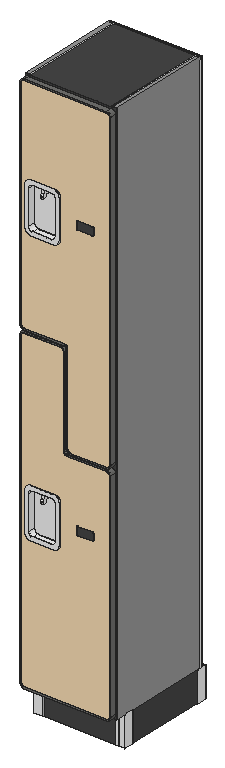
Revit family "Wood_Lockers-Salsbury_Industries-37000_Series-1_Wide_Units", category Specialty Equipment, Revit 2026 (continued)
Definition of nested family "Wood Locker Double Side Panels-No Slope"
  Automatic sketch dimensions
    Extrusion 2 sketch curve to plane 14 "Top of Wood" = 0.000"
    Extrusion 2 sketch curve to plane 15 "Bottom of Wood" = 0.000"
    plane 12 "Right Side of Wood" to Extrusion 2 sketch curve = 0.000"
    Extrusion 2 sketch curve to plane 13 "Left Side of Wood" = 0.125"  (x2)
    plane 12 "Right Side of Wood" to Extrusion 2 sketch curve = 0.125"
    Extrusion 2 sketch curve to Extrusion 2 sketch curve = 0.125"
    plane 13 "Left Side of Wood" to Sweep 3 sketch curve = 0.000"
    Sweep 3 sketch curve to plane 14 "Top of Wood" = 0.000"
    Sweep 3 sketch curve to plane 15 "Bottom of Wood" = 0.000"
    plane 12 "Right Side of Wood" to Sweep 3 sketch curve = 0.000"
    Sweep 3 sketch curve to plane 13 "Left Side of Wood" = 0.125"  (x2)
    plane 12 "Right Side of Wood" to Sweep 3 sketch curve = 0.125"
    Sweep 3 sketch curve to Sweep 3 sketch curve = 0.125"  (x2)
    Sweep 3 sketch curve to profile plane = 0.000"
    plane 5 "Front" to Sweep 3 sketch curve = 0.000"
    Sweep 3 sketch curve to plane 5 "Front" = 0.750"
Definition of nested family "Wood Locker Double Side Panels-With Slope"
  Parameters (values of type "33339DE - 6' H for 15"D Lockers")
    Width = 29.250"
    Visible = yes
    Version = "1.0 (2/29/16)"
    Type Comments = "Double End Panel for Designer Wood Lockers"
    Slope Height = 5.520"
    Model = "33339DE"
    Manufacturer = "Salsbury Industries"
    Laminate Surface = none
    Height = 72.153"
    Door Trim = none
    Description = "For 6' H x 15\" D Lockers with Sloping Hood"
    Depth = 0.750"
    Default Elevation = 0.000"
  Types (11): name | Width | Visible | Version | Type Comments | Slope Height | Model | Manufacturer | Height | Description
    (no name) | 29.250" | yes | "1.0 (2/29/16)" | "Double End Panel for Designer Wood Lockers" | 5.520" | "33339DE" | "Salsbury Industries" | 72.153" | "For 6' H x 15\" D Lockers with Sloping Hood"
    33339DE - 6' H for 15"D Lockers | 29.250" | yes | "1.0 (2/29/16)" | "Double End Panel for Designer Wood Lockers" | 5.520" | "33339DE" | "Salsbury Industries" | 72.153" | "For 6' H x 15\" D Lockers with Sloping Hood"
    33334DE - 6' H  for 18" D Lockers | 35.250" | yes | "1.0 (2/29/16)" | "Double End Panel for Designer Wood Lockers" | 6.645" | "33334DE" | "Salsbury Industries" | 72.153" | "For 6' H x 18\" D Lockers with Sloping Hood"
    33336DE - 6' H for 21" D Lockers | 41.250" | yes | "1.0 (2/29/16)" | "Double End Panel for Designer Wood Lockers" | 7.770" | "33336DE" | "Salsbury Industries" | 72.153" | "For 6' H x 21\" D Lockers with Sloping Hood"
    22247 - 6' H for 24" D Lockers | 47.250" | yes | "1.0 (2/29/16)" | "Double End Panel for Designer Wood Lockers" | 8.895" | "22247" | "Salsbury Industrries" | 72.153" | "For 6' H x 24\" D Lockers with Sloping Hood"
    33309DE - 5' H for 15" D Lockers | 29.250" | yes | "1.0 (2/29/16)" | "Double End Panel for Designer Wood Lockers" | 5.520" | "33309DE" | "Salsbury Industries" | 60.153" | "For 5' H x  15\" D Lockers with Sloping Hood"
    33304DE - 5' H for 18" D Lockers | 35.250" | yes | "1.0 (2/29/16)" | "Double End Panel for Designer Wood Lockers" | 6.645" | "33304DE" | "Salsbury Industries" | 60.153" | "For 5' H x 18\" D Lockers with Sloping Hood"
    33306DE - 5' H for 21" D Lockers | 41.250" | yes | "1.0 (2/29/16)" | "Double End Panel for Designer Wood Lockers" | 7.770" | "33306DE" | "Salsbury Industries" | 60.153" | "For 5' H x 21\" D Lockers with Sloping Hood"
    None | 14.000" | no | "" | "" | 5.500" | "" | "" | 72.000" | ""
    22244 - 6' H for 18" D Lockers | 35.250" | yes | "1.0 (2/29/16)" | "Double End Panel for Extra Wide Designer Wood Lockers" | 6.645" | "22244DE" | "Salsbury Industries" | 72.153" | "For 6' H x 18\" D Lockers with Sloping Hood"
    22246 - 6' H for 21" D Lockers | 41.250" | yes | "1.0 (2/29/16)" | "Double End Panel for Extra Wide Designer Wood Lockers" | 7.770" | "22246" | "Salsbury Industries" | 72.153" | "For 6' H x 21\" D Lockers with Sloping Hood"
  Reference planes (in)
    plane 1 "Center (Front/Back)": y = 0
    plane 2: z = 0
    plane 3 "Center (Left/Right)": x = 0
    plane 4 "Back": y = 0.375
    plane 5 "Front": y = -0.375
    plane 6 "Left Side": x = -14.625
    plane 7 "Right Side": x = 14.625
    plane 8 "Bottom": z = 0
    plane 9 "Top": z = 72.153
    plane 10 "Center Elevation": z = 36.0765
    plane 11 "Wood - Laminate Edge": y = -0.344
    plane 12 "Right Side of Wood": x = 14.5
    plane 13 "Left Side of Wood": x = -14.5
    plane 14 "Top of Wood": z = 72.028
    plane 15 "Bottom of Wood": z = 0.125
    plane 16: z = 77.673
    plane 17: z = 77.548
  Forms (in)
    Extrusion 1, solid, visible <- "Visible"
      sketch origin (0, 0.375, 0) x (1, 0, 0) y (0, 0, 1)
        loop
          line (14.5, 0.25) -> (14.5, 71.903)
          arc (14.5, 71.903) -> (14.4904849, 71.9508354) -> (14.4633883, 71.9913883) r 0.125
          line (14.4633883, 71.9913883) -> (0.1722396, 77.5387299)
          arc (0.1722396, 77.5387299) -> (0.1490703, 77.5456606) -> (0.125, 77.548) r 0.125
          line (0.125, 77.548) -> (-0.125, 77.548)
          arc (-0.125, 77.548) -> (-0.1490703, 77.5456606) -> (-0.1722396, 77.5387299) r 0.125
          line (-0.1722396, 77.5387299) -> (-14.4633883, 71.9913883)
          arc (-14.4633883, 71.9913883) -> (-14.4904849, 71.9508354) -> (-14.5, 71.903) r 0.125
          line (-14.5, 71.903) -> (-14.5, 0.25)
          arc (-14.5, 0.25) -> (-14.4633883, 0.1616117) -> (-14.375, 0.125) r 0.125
          line (-14.375, 0.125) -> (14.375, 0.125)
          arc (14.375, 0.125) -> (14.4633883, 0.1616117) -> (14.5, 0.25) r 0.125
      from 0 to 0.719
    Extrusion 2, solid, material <- "Laminate Surface", visible <- "Visible"
      sketch origin (0, -0.375, 0) x (1, 0, 0) y (0, 0, 1)
        loop
          line (14.5, 0.25) -> (14.5, 71.903)
          arc (14.5, 71.903) -> (14.4904849, 71.9508354) -> (14.4633883, 71.9913883) r 0.125
          line (14.4633883, 71.9913883) -> (0.1722396, 77.5387299)
          arc (0.1722396, 77.5387299) -> (0.1490703, 77.5456606) -> (0.125, 77.548) r 0.125
          line (0.125, 77.548) -> (-0.125, 77.548)
          arc (-0.125, 77.548) -> (-0.1490703, 77.5456606) -> (-0.1722396, 77.5387299) r 0.125
          line (-0.1722396, 77.5387299) -> (-14.4633883, 71.9913883)
          arc (-14.4633883, 71.9913883) -> (-14.4904849, 71.9508354) -> (-14.5, 71.903) r 0.125
          line (-14.5, 71.903) -> (-14.5, 0.25)
          arc (-14.5, 0.25) -> (-14.4633883, 0.1616117) -> (-14.375, 0.125) r 0.125
          line (-14.375, 0.125) -> (14.375, 0.125)
          arc (14.375, 0.125) -> (14.4633883, 0.1616117) -> (14.5, 0.25) r 0.125
      from -0.031 to 0
    Sweep 3, solid, material <- "Door Trim", visible <- "Visible"
      path origin (0, -0.375, 0) x (1, 0, 0) y (0, 0, 1)
        loop
          line (0.125, 77.548) -> (-0.125, 77.548)
          arc (-0.125, 77.548) -> (-0.1490703, 77.5456606) -> (-0.1722396, 77.5387299) r 0.125
          line (-0.1722396, 77.5387299) -> (-14.4633883, 71.9913883)
          arc (-14.4633883, 71.9913883) -> (-14.4904849, 71.9508354) -> (-14.5, 71.903) r 0.125
          line (-14.5, 71.903) -> (-14.5, 0.25)
          arc (-14.5, 0.25) -> (-14.4633883, 0.1616117) -> (-14.375, 0.125) r 0.125
          line (-14.375, 0.125) -> (14.375, 0.125)
          arc (14.375, 0.125) -> (14.4633883, 0.1616117) -> (14.5, 0.25) r 0.125
          line (14.5, 0.25) -> (14.5, 71.903)
          arc (14.5, 71.903) -> (14.4904849, 71.9508354) -> (14.4633883, 71.9913883) r 0.125
          line (14.4633883, 71.9913883) -> (0.1722396, 77.5387299)
          arc (0.1722396, 77.5387299) -> (0.1490703, 77.5456606) -> (0.125, 77.548) r 0.125
      profile origin (0.1490703, -0.375, 77.5456606) x (0.192562, 0, 0.981285) y (0, -1, 0)
        loop
          line (0, 0) -> (0, -0.75) -> (0.125, -0.75) -> (0.125, 0) -> (0, 0)
  Dimensions and locks (in)
    equal spacing: plane 6 "Left Side", plane 3 "Center (Left/Right)", plane 7 "Right Side"
    plane 5 "Front" to plane 1 "Center (Front/Back)" to plane 4 "Back" = 0.375", 0.375"
    "Width": plane 6 "Left Side" to plane 7 "Right Side"
    "Depth": plane 5 "Front" to plane 4 "Back"
    equal spacing: plane 9 "Top", plane 10 "Center Elevation", plane 8 "Bottom"
    "Height": plane 9 "Top" to plane 8 "Bottom"
    locked: plane 5 "Front" to plane 11 "Wood - Laminate Edge" at 0.031
    locked: plane 15 "Bottom of Wood" to plane 8 "Bottom" at 0.125
    locked: plane 12 "Right Side of Wood" to plane 7 "Right Side" at 0.125
    locked: plane 6 "Left Side" to plane 13 "Left Side of Wood" at 0.125
    locked: plane 9 "Top" to plane 14 "Top of Wood" at 0.125
    "Slope Height": plane 16 to plane 9 "Top"
    locked: plane 16 to plane 17 at 0.125
    aligned and locked: level to plane 2
  Automatic sketch dimensions
    Sweep 3 sketch curve to profile plane = 0.000"
    Sweep 3 sketch curve to plane 5 "Front" = 0.000"
    Sweep 3 sketch curve to Sweep 3 sketch curve = 0.125"  (x2)
    Sweep 3 sketch curve to plane 5 "Front" = 0.750"
    plane 13 "Left Side of Wood" to Sweep 3 sketch curve = 0.000"
    Sweep 3 sketch curve to plane 15 "Bottom of Wood" = 0.000"
    Sweep 3 sketch curve to plane 17 = 0.000"
    plane 12 "Right Side of Wood" to Sweep 3 sketch curve = 0.000"
    Sweep 3 sketch curve to plane 13 "Left Side of Wood" = 0.03661"
    Sweep 3 sketch curve to plane 13 "Left Side of Wood" = 0.125"  (x2)
    plane 17 to Sweep 3 sketch curve = 0.00927"  (x2)
    Sweep 3 sketch curve to plane 3 "Center (Left/Right)" = 0.17224"
    Sweep 3 sketch curve to plane 3 "Center (Left/Right)" = 0.125"
    plane 3 "Center (Left/Right)" to Sweep 3 sketch curve = 0.125"
    Sweep 3 sketch curve to Sweep 3 sketch curve = 0.04724"
    plane 12 "Right Side of Wood" to Sweep 3 sketch curve = 0.125"
    plane 12 "Right Side of Wood" to Sweep 3 sketch curve = 0.03661"
    plane 14 "Top of Wood" to Sweep 3 sketch curve = 0.125"  (x2)
    plane 13 "Left Side of Wood" to Extrusion 2 sketch curve = 0.000"
    Extrusion 2 sketch curve to plane 15 "Bottom of Wood" = 0.000"
    Extrusion 2 sketch curve to plane 17 = 0.000"
    plane 12 "Right Side of Wood" to Extrusion 2 sketch curve = 0.000"
    Extrusion 2 sketch curve to plane 13 "Left Side of Wood" = 0.03661"
    Extrusion 2 sketch curve to plane 13 "Left Side of Wood" = 0.125"  (x2)
    plane 17 to Extrusion 2 sketch curve = 0.00927"  (x2)
    Extrusion 2 sketch curve to plane 3 "Center (Left/Right)" = 0.17224"
    Extrusion 2 sketch curve to Extrusion 2 sketch curve = 0.04724"  (x2)
    plane 3 "Center (Left/Right)" to Extrusion 2 sketch curve = 0.125"
    plane 12 "Right Side of Wood" to Extrusion 2 sketch curve = 0.125"
    Extrusion 2 sketch curve to Extrusion 2 sketch curve = 0.125"
    plane 12 "Right Side of Wood" to Extrusion 2 sketch curve = 0.03661"
    plane 14 "Top of Wood" to Extrusion 2 sketch curve = 0.125"  (x2)
    plane 13 "Left Side of Wood" to Extrusion 1 sketch curve = 0.000"
    Extrusion 1 sketch curve to plane 15 "Bottom of Wood" = 0.000"
    Extrusion 1 sketch curve to plane 17 = 0.000"
    plane 12 "Right Side of Wood" to Extrusion 1 sketch curve = 0.000"
    Extrusion 1 sketch curve to plane 13 "Left Side of Wood" = 0.03661"
    Extrusion 1 sketch curve to plane 13 "Left Side of Wood" = 0.125"  (x2)
    plane 17 to Extrusion 1 sketch curve = 0.00927"  (x2)
    Extrusion 1 sketch curve to plane 3 "Center (Left/Right)" = 0.17224"
    Extrusion 1 sketch curve to Extrusion 1 sketch curve = 0.04724"  (x2)
    plane 3 "Center (Left/Right)" to Extrusion 1 sketch curve = 0.125"
    Extrusion 1 sketch curve to Extrusion 1 sketch curve = 0.125"  (x2)
    plane 12 "Right Side of Wood" to Extrusion 1 sketch curve = 0.03661"
    plane 14 "Top of Wood" to Extrusion 1 sketch curve = 0.125"  (x2)
Definition of nested family "Wood Locker Front Fillers"
  Parameters (values of type "33367 - 15" W for 6'H Lockers without Base")
    Width = 15.000"
    Visible Base = no
    Visible = yes
    Version = "1.0 (2/29/16)"
    Type Comments = "Front Vertical Filler for Designer Wood Lockers"
    Model = "33367"
    Manufacturer = "Salsbury Industries"
    Laminate Surface = none
    Height = 72.000"
    Description = "For 6' H Lockers"
    Depth = 0.750"
    Default Elevation = 0.000"
    Base Height = 0.000"
  Types (18): name | Width | Visible Base | Visible | Version | Type Comments | Model | Manufacturer | Height | Description | Base Height
    (no name) | 15.000" | no | yes | "1.0 (2/29/16)" | "Front Vertical Filler for Designer Wood Lockers" | "33367" | "Salsbury Industries" | 72.000" | "For 6' H Lockers" | 0.000"
    33367 - 15"W for 6' H Lockers with Base | 15.000" | yes | yes | "1.0 (2/29/16)" | "Front Vertical Filler for Designer Wood Lockers" | "33367" | "Salsbury Industries" | 72.000" | "For 6' H Lockers" | 4.000"
    None | 15.000" | no | no | "" | "" | "" | "" | 72.000" | "" | 4.000"
    33369 - 9" W for 6' H Lockers with Base | 9.000" | yes | yes | "1.0 (2/29/16)" | "Front Vertical Filler for Designer Wood Lockers" | "33369" | "Salsbury Industries" | 72.000" | "For 6' H Lockers" | 4.000"
    33367 - 15" W for 5' H Lockers with Base | 15.000" | yes | yes | "1.0 (2/29/16)" | "Front Vertical Filler for Designer Wood Lockers" | "33367" | "Salsbury Industries" | 60.000" | "For 5' H Lockers" | 4.000"
    33369 - 9" W for 5' H Lockers with Base | 9.000" | yes | yes | "1.0 (2/29/16)" | "Front Vertical Filler for Designer Wood Lockers" | "33369" | "Salsbury Industries" | 60.000" | "For 5' H Lockers" | 4.000"
    22265 - 15" W for 6' H Lockers with Base | 15.000" | yes | yes | "1.0 (2/29/16)" | "Front Vertical Filler for Extra Wide Designer Wood Lockers" | "22265" | "Salsbury Industries" | 72.000" | "For 6' H Lockers" | 4.000"
    22265 - 15" W for 5' H Lockers with Base | 15.000" | yes | yes | "1.0 (2/29/16)" | "Front Vertical Filler for Extra Wide Designer Wood Lockers" | "22265" | "Salsbury Industries" | 60.000" | "For 5' H Lockers" | 4.000"
    22269 - 9" W for 6' H Lockers with Base | 9.000" | yes | yes | "1.0 (2/29/16)" | "Front Vertical Filler for Extra Wide Designer Wood Lockers" | "22269" | "Salsbury Industries" | 72.000" | "For 6' H Lockers" | 4.000"
    22269 - 9" W for 5' H Lockers with Base | 9.000" | yes | yes | "1.0 (2/29/16)" | "Front Vertical Filler for Extra Wide Designer Wood Lockers" | "22269" | "Salsbury Industries" | 60.000" | "For 5' H Lockers" | 4.000"
    33367 - 15" W for 6'H Lockers without Base | 15.000" | no | yes | "1.0 (2/29/16)" | "Front Vertical Filler for Designer Wood Lockers" | "33367" | "Salsbury Industries" | 72.000" | "For 6' H Lockers" | 0.000"
    33367 - 15" W for 5' H Lockers without Base | 15.000" | no | yes | "1.0 (2/29/16)" | "Front Vertical Filler for Designer Wood Lockers" | "33367" | "Salsbury Industries" | 60.000" | "For 5' H Lockers" | 0.000"
    33369 - 9" W for 5' H Lockers without Base | 9.000" | no | yes | "1.0 (2/29/16)" | "Front Vertical Filler for Designer Wood Lockers" | "33369" | "Salsbury Industries" | 60.000" | "For 5' H Lockers" | 0.000"
    33369 - 9" W for 6' H Lockers without Base | 9.000" | no | yes | "1.0 (2/29/16)" | "Front Vertical Filler for Designer Wood Lockers" | "33369" | "Salsbury Industries" | 72.000" | "For 6' H Lockers" | 0.000"
    22269 - 9" W for 6' H Lockers without Base | 9.000" | no | yes | "1.0 (2/29/16)" | "Front Vertical Filler for Extra Wide Designer Wood Lockers" | "22269" | "Salsbury Industries" | 72.000" | "For 6' H Lockers" | 0.000"
    22269 - 9" W for 5' H Lockers without Base | 9.000" | no | yes | "1.0 (2/29/16)" | "Front Vertical Filler for Extra Wide Designer Wood Lockers" | "22269" | "Salsbury Industries" | 60.000" | "For 5' H Lockers" | 0.000"
    22265 - 15" W for 6' H Lockers without Base | 15.000" | no | yes | "1.0 (2/29/16)" | "Front Vertical Filler for Extra Wide Designer Wood Lockers" | "22265" | "Salsbury Industries" | 72.000" | "For 6' H Lockers" | 0.000"
    22265 - 15" W for 5' H Lockers without Base | 15.000" | no | yes | "1.0 (2/29/16)" | "Front Vertical Filler for Extra Wide Designer Wood Lockers" | "22265" | "Salsbury Industries" | 60.000" | "For 5' H Lockers" | 0.000"
  Reference planes (in)
    plane 1 "Center (Front/Back)": y = 0
    plane 2: z = 0
    plane 3 "Center (Left/Right)": x = 0
    plane 4 "Back": y = 0.375
    plane 5 "Front": y = -0.375
    plane 6 "Left Side": x = -7.5
    plane 7 "Right Side": x = 7.5
    plane 8 "Bottom": z = 0
    plane 9 "Top": z = 72
    plane 10 "Center Elevation": z = 36
    plane 11 "Wood - Laminate Edge": y = -0.344
    plane 12 "Right Side of Wood": x = 7.375
    plane 13 "Left Side of Wood": x = -7.375
    plane 14 "Top of Wood": z = 71.875
    plane 15 "Bottom of Wood": z = 0.125
    plane 16 "Front of Base Filler": y = 1
  Forms (in)
    Extrusion 1, solid, visible <- "Visible"
      sketch origin (0, 0.375, 0) x (1, 0, 0) y (0, 0, 1)
        loop
          line (7.5, 72) -> (-7.5, 72) -> (-7.5, 0) -> (7.5, 0) -> (7.5, 72)
      from 0 to 0.719
    Extrusion 2, solid, material <- "Laminate Surface", visible <- "Visible"
      sketch origin (0, -0.375, 0) x (1, 0, 0) y (0, 0, 1)
        loop
          line (-7.5, 72) -> (-7.5, 0) -> (7.5, 0) -> (7.5, 72) -> (-7.5, 72)
      from -0.031 to 0
    Extrusion 3, solid, visible <- "Visible Base"
      sketch origin (0, 0, 0) x (1, 0, 0) y (0, 1, 0)
        loop
          line (-7.5, 1.75) -> (-7.5, 0.375) -> (7.5, 0.375) -> (7.5, 1.75) -> (-7.5, 1.75)
      from 0 to 0.75
    Extrusion 4, solid, visible <- "Visible Base"
      sketch origin (0, 0, 0) x (1, 0, 0) y (0, 1, 0)
        loop
          line (-7.5, 1.75) -> (-7.5, 1) -> (7.5, 1) -> (7.5, 1.75) -> (-7.5, 1.75)
      from 0 to -4
  Dimensions and locks (in)
    equal spacing: plane 6 "Left Side", plane 3 "Center (Left/Right)", plane 7 "Right Side"
    plane 5 "Front" to plane 1 "Center (Front/Back)" to plane 4 "Back" = 0.375", 0.375"
    "Width": plane 6 "Left Side" to plane 7 "Right Side"
    "Depth": plane 5 "Front" to plane 4 "Back"
    equal spacing: plane 9 "Top", plane 10 "Center Elevation", plane 8 "Bottom"
    locked: plane 5 "Front" to plane 11 "Wood - Laminate Edge" at 0.031
    locked: plane 15 "Bottom of Wood" to plane 8 "Bottom" at 0.125
    locked: plane 12 "Right Side of Wood" to plane 7 "Right Side" at 0.125
    locked: plane 6 "Left Side" to plane 13 "Left Side of Wood" at 0.125
    locked: plane 9 "Top" to plane 14 "Top of Wood" at 0.125
    locked: plane 5 "Front" to plane 16 "Front of Base Filler" at 1.375
    "Base Height": plane 8 "Bottom" to plane 2
    "Height": plane 9 "Top" to plane 8 "Bottom"
    aligned and locked: level to plane 2
    aligned and locked: plane 8 "Bottom" to Extrusion 1
  Automatic sketch dimensions
    plane 6 "Left Side" to Extrusion 1 sketch curve = 0.000"
    plane 7 "Right Side" to Extrusion 1 sketch curve = 0.000"
    level to Extrusion 1 sketch curve = 0.000"
    Extrusion 1 sketch curve to plane 9 "Top" = 0.000"
    plane 6 "Left Side" to Extrusion 2 sketch curve = 0.000"
    plane 7 "Right Side" to Extrusion 2 sketch curve = 0.000"
    plane 15 "Bottom of Wood" to Extrusion 2 sketch curve = 0.125"
    Extrusion 2 sketch curve to plane 9 "Top" = 0.000"
    plane 4 "Back" to Extrusion 3 sketch curve = 0.000"
    Extrusion 3 sketch curve to plane 6 "Left Side" = 0.000"
    Extrusion 3 sketch curve to plane 7 "Right Side" = 0.000"
    Extrusion 3 sketch curve to plane 16 "Front of Base Filler" = 0.750"
    Extrusion 4 sketch curve to plane 6 "Left Side" = 0.000"
    Extrusion 4 sketch curve to plane 7 "Right Side" = 0.000"
    plane 16 "Front of Base Filler" to Extrusion 4 sketch curve = 0.000"
    Extrusion 4 sketch curve to plane 16 "Front of Base Filler" = 0.750"
Definition of nested family "Wood Locker Front Corner Filler"
  Parameters (values of type "33364 - for 6' H Lockers with Base")
    Width = 2.250"
    Visible Base = yes
    Visible = yes
    Version = "1.0 (2/29/16)"
    Type Comments = "Front Vertical Corner Filler for Designer Wood Lockers"
    Model = "33364"
    Manufacturer = "Salsbury Industries"
    Height = 72.000"
    Description = "For 6' H Lockers"
    Depth = 0.750"
    Default Elevation = 0.000"
    Base Height = 4.000"
  Types (10): name | Visible Base | Visible | Version | Type Comments | Model | Manufacturer | Height | Description | Base Height
    (no name) | yes | yes | "1.0 (2/29/16)" | "Front Vertical Corner Filler for Designer Wood Lockers" | "33364" | "Salsbury Industries" | 72.000" | "For 6' H Lockers" | 4.000"
    33364 - for 6' H Lockers with Base | yes | yes | "1.0 (2/29/16)" | "Front Vertical Corner Filler for Designer Wood Lockers" | "33364" | "Salsbury Industries" | 72.000" | "For 6' H Lockers" | 4.000"
    None | no | no | "" | "" | "" | "" | 72.000" | "" | 4.000"
    33364 - for 5' H Lockers with Base | yes | yes | "1.0 (2/29/16)" | "Front Vertical Corner Filler for Designer Wood Lockers" | "33364" | "Salsbury Industries" | 60.000" | "For 5' H Lockers" | 4.000"
    22264 - for 6' H Lockers with Base | yes | yes | "1.0 (2/29/16)" | "Front Vertical Corner Filler for Extra Wide Designer Wood Lockers" | "22264" | "Salsbury Industries" | 72.000" | "For 6' H Lockers" | 4.000"
    22264 - for 5' H Lockers with Base | yes | yes | "1.0 (2/29/16)" | "Front Vertical Corner Filler for Extra Wide Designer Wood Lockers" | "22264" | "Salsbury Industries" | 60.000" | "For 5' H Lockers" | 4.000"
    33364 - for 6'H Lockers without Base | no | yes | "1.0 (2/29/16)" | "Front Vertical Corner Filler for Designer Wood Lockers" | "33364" | "Salsbury Industries" | 72.000" | "For 6' H Lockers" | 0.000"
    33364 - for 5' H Lockers without Base | no | yes | "1.0 (2/29/16)" | "Front Vertical Corner Filler for Designer Wood Lockers" | "33364" | "Salsbury Industries" | 60.000" | "For 5' H Lockers" | 0.000"
    22264 - for 6' H Lockers without Base | no | yes | "1.0 (2/29/16)" | "Front Vertical Corner Filler for Extra Wide Designer Wood Lockers" | "22264" | "Salsbury Industries" | 72.000" | "For 6' H Lockers" | 0.000"
    22264 - for 5' H Lockers without Base | no | yes | "1.0 (2/29/16)" | "Front Vertical Corner Filler for Extra Wide Designer Wood Lockers" | "22264" | "Salsbury Industries" | 60.000" | "For 5' H Lockers" | 0.000"
  Reference planes (in)
    plane 1 "Center (Front/Back)": y = 0
    plane 2 "Bottom of Base": z = 0
    plane 3 "Center (Left/Right)": x = 0
    plane 4 "Back": y = 0.375
    plane 5 "Front": y = -0.375
    plane 6 "Left Side": x = -1.125
    plane 7 "Right Side": x = 1.125
    plane 8 "Bottom": z = 4
    plane 9 "Top": z = 76
    plane 10 "Center Elevation": z = 40
    plane 11 "Wood - Laminate Edge": y = -0.344
    plane 12 "Right Side of Wood": x = 1
    plane 13 "Left Side of Wood": x = -1
    plane 14 "Top of Wood": z = 75.875
    plane 15 "Bottom of Wood": z = 4.125
    plane 16 "Front of Base Filler": y = 1
  Forms (in)
    Extrusion 1, solid, visible <- "Visible"
      sketch origin (0, 0.375, 0) x (1, 0, 0) y (0, 0, 1)
        loop
          line (1.125, 76) -> (-1.156, 76) -> (-1.156, 4) -> (1.125, 4) -> (1.125, 76)
      from 0 to 0.719
    Extrusion 2, solid, visible <- "Visible"
      sketch origin (0, -0.375, 0) x (1, 0, 0) y (0, 0, 1)
        loop
          line (-1.125, 76) -> (-1.125, 4) -> (1.125, 4) -> (1.125, 76) -> (-1.125, 76)
      from -0.031 to 0
    Extrusion 3, solid, visible <- "Visible"
      sketch origin (-1.875, -1.5, 0) x (0, 1, 0) y (0, 0, 1)
        loop
          line (1.875, 76) -> (-1.125, 76) -> (-1.125, 4) -> (1.875, 4) -> (1.875, 76)
      from 0 to 0.719
    Extrusion 4, solid, visible <- "Visible"
      sketch origin (-1.125, -1.5, 0) x (0, 1, 0) y (0, 0, 1)
        loop
          line (-1.125, 76) -> (-1.125, 4) -> (1.156, 4) -> (1.156, 76) -> (-1.125, 76)
      from -0.031 to 0
    Extrusion 5, solid, visible <- "Visible Base"
      sketch origin (0, 0, 0) x (1, 0, 0) y (0, 1, 0)
        loop
          line (-3.25, 1.75) -> (-3.25, -2.625) -> (-1.875, -2.625) -> (-1.875, 1.75) -> (-3.25, 1.75)
      from 4 to 4.75
    Extrusion 6, solid, visible <- "Visible Base"
      sketch origin (0, 0, 0) x (1, 0, 0) y (0, 1, 0)
        loop
          line (-1.875, 1.75) -> (-1.875, 0.375) -> (1.125, 0.375) -> (1.125, 1.75) -> (-1.875, 1.75)
      from 4 to 4.75
    Extrusion 7, solid, visible <- "Visible Base"
      sketch origin (0, 0, 0) x (1, 0, 0) y (0, 1, 0)
        loop
          line (1.125, 1.75) -> (-2.4340698, 1.75) -> (-2.4340698, 1) -> (1.125, 1) -> (1.125, 1.75)
      from 0 to 4
    Extrusion 8, solid, visible <- "Visible Base"
      sketch origin (0, 0, 0) x (1, 0, 0) y (0, 1, 0)
        loop
          line (-3.25, 1.75) -> (-3.25, -2.625) -> (-2.4340698, -2.625) -> (-2.4340698, 1.75) -> (-3.25, 1.75)
      from 0 to 4
  Dimensions and locks (in)
    equal spacing: plane 6 "Left Side", plane 3 "Center (Left/Right)", plane 7 "Right Side"
    plane 5 "Front" to plane 1 "Center (Front/Back)" to plane 4 "Back" = 0.375", 0.375"
    "Width": plane 6 "Left Side" to plane 7 "Right Side"
    "Depth": plane 5 "Front" to plane 4 "Back"
    equal spacing: plane 9 "Top", plane 10 "Center Elevation", plane 8 "Bottom"
    "Height": plane 9 "Top" to plane 8 "Bottom"
    locked: plane 5 "Front" to plane 11 "Wood - Laminate Edge" at 0.031
    locked: plane 15 "Bottom of Wood" to plane 8 "Bottom" at 0.125
    locked: plane 12 "Right Side of Wood" to plane 7 "Right Side" at 0.125
    locked: plane 6 "Left Side" to plane 13 "Left Side of Wood" at 0.125
    locked: plane 9 "Top" to plane 14 "Top of Wood" at 0.125
    locked: plane 5 "Front" to plane 16 "Front of Base Filler" at 1.375
    "Base Height": plane 8 "Bottom" to plane 2 "Bottom of Base"
    aligned and locked: level to plane 2 "Bottom of Base"
    aligned and locked: plane 8 "Bottom" to Extrusion 1
    aligned and locked: Extrusion 7 to Extrusion 5
    aligned and locked: Extrusion 8 to Extrusion 5
    aligned and locked: Extrusion 7 to Extrusion 8
  Automatic sketch dimensions
    Extrusion 1 sketch curve to plane 9 "Top" = 0.000"
    Extrusion 1 sketch curve to plane 8 "Bottom" = 0.000"
    plane 7 "Right Side" to Extrusion 1 sketch curve = 0.000"
    plane 6 "Left Side" to Extrusion 1 sketch curve = 0.031"
    plane 6 "Left Side" to Extrusion 2 sketch curve = 0.000"
    plane 7 "Right Side" to Extrusion 2 sketch curve = 0.000"
    Extrusion 2 sketch curve to plane 8 "Bottom" = 0.000"
    Extrusion 2 sketch curve to plane 9 "Top" = 0.000"
    plane 9 "Top" to Extrusion 3 sketch curve = 0.000"
    plane 8 "Bottom" to Extrusion 3 sketch curve = 0.000"
    Extrusion 3 sketch curve to plane 4 "Back" = 0.000"
    plane 5 "Front" to Extrusion 3 sketch curve = 2.250"
    plane 8 "Bottom" to Extrusion 4 sketch curve = 0.000"
    plane 9 "Top" to Extrusion 4 sketch curve = 0.000"
    Extrusion 4 sketch curve to plane 11 "Wood - Laminate Edge" = 0.000"
    plane 5 "Front" to Extrusion 4 sketch curve = 2.250"
    plane 6 "Left Side" to Extrusion 5 sketch curve = 2.125"
    plane 6 "Left Side" to Extrusion 5 sketch curve = 0.750"
    plane 5 "Front" to Extrusion 5 sketch curve = 2.250"
    Extrusion 5 sketch curve to plane 16 "Front of Base Filler" = 0.750"
    plane 16 "Front of Base Filler" to Extrusion 7 sketch curve = 0.000"
    Extrusion 7 sketch curve to plane 7 "Right Side" = 0.000"
    plane 6 "Left Side" to Extrusion 7 sketch curve = 1.30907"
    Extrusion 7 sketch curve to plane 16 "Front of Base Filler" = 0.750"
    plane 6 "Left Side" to Extrusion 8 sketch curve = 2.125"
    Extrusion 8 sketch curve to Extrusion 8 sketch curve = 0.81593"
    plane 5 "Front" to Extrusion 8 sketch curve = 2.250"
    Extrusion 8 sketch curve to plane 16 "Front of Base Filler" = 0.750"
    plane 4 "Back" to Extrusion 6 sketch curve = 0.000"
    Extrusion 6 sketch curve to plane 7 "Right Side" = 0.000"
    plane 6 "Left Side" to Extrusion 6 sketch curve = 0.750"
    Extrusion 6 sketch curve to plane 16 "Front of Base Filler" = 0.750"
Definition of nested family "Wood Locker Sloping In-Line Fillers"
  Parameters (values of type "33387 - 15" W for 15" D Lockers")
    Width = 15.000"
    Visible = yes
    Version = "1.0 (2/29/16)"
    Type Comments = "Sloping Hood In-Line Filler for Designer Wood Lockers"
    Model = "33387"
    Manufacturer = "Salsbury Industries"
    Laminate Surface = none
    Height = 5.500"
    Description = "For 15\" D Lockers"
    Depth = 14.000"
    Default Elevation = 0.000"
  Types (14): name | Width | Visible | Version | Type Comments | Model | Manufacturer | Height | Description | Depth
    (no name) | 15.000" | yes | "1.0 (2/29/16)" | "Sloping Hood In-Line Filler for Designer Wood Lockers" | "33387" | "Salsbury Industries" | 5.500" | "For 15\" D Lockers" | 14.000"
    33387 - 15" W for 15" D Lockers | 15.000" | yes | "1.0 (2/29/16)" | "Sloping Hood In-Line Filler for Designer Wood Lockers" | "33387" | "Salsbury Industries" | 5.500" | "For 15\" D Lockers" | 14.000"
    33388 - 15" W for 18" D Lockers | 15.000" | yes | "1.0 (2/29/16)" | "Sloping Hood In-Line Filler for Designer Wood Lockers" | "33388" | "Salsbury Industries" | 6.625" | "For 18\" D Lockers" | 17.000"
    33381 - 15" W for 21" D Lockers | 15.000" | yes | "1.0 (2/29/16)" | "Sloping Hood In-Line Filler for Designer Wood Lockers" | "33381" | "Salsbury Industries" | 7.750" | "For 21\" D Lockers" | 20.000"
    None | 12.000" | no | "" | "" | "" | "" | 5.500" | "" | 14.000"
    22289 - 15" W for 24" D Lockers | 15.000" | yes | "1.0 (2/29/16)" | "Sloping Hood In-Line Filler for Designer Wood Lockers" | "22289" | "Salsbury Industries" | 8.875" | "For 24\" D Lockers" | 23.000"
    22288 - 15" W for 18" D Lockers | 15.000" | yes | "1.0 (2/29/16)" | "Sloping Hood In-Line Filler for Extra Wide Designer Wood Lockers" | "22288" | "Salsbury Industries" | 6.625" | "For 18\" D Lockers" | 17.000"
    22281 - 15" W for 21" D Lockers | 15.000" | yes | "1.0 (2/29/16)" | "Sloping Hood In-Line Filler for Extra Wide Designer Wood Lockers" | "22281" | "Salsbury Industries" | 7.750" | "For 21\" D Lockers" | 20.000"
    33388 - 9" W for 18" D Lockers | 9.000" | yes | "1.0 (2/29/16)" | "Sloping Hood In-Line Filler for Designer Wood Lockers" | "33388" | "Salsbury Industries" | 6.625" | "For 18\" D Lockers" | 17.000"
    33387 - 9" W for 15" D Lockers | 9.000" | yes | "1.0 (2/29/16)" | "Sloping Hood In-Line Filler for Designer Wood Lockers" | "33387" | "Salsbury Industries" | 5.500" | "For 15\" D Lockers" | 14.000"
    33381 - 9" W for 21" D Lockers | 9.000" | yes | "1.0 (2/29/16)" | "Sloping Hood In-Line Filler for Designer Wood Lockers" | "33381" | "Salsbury Industries" | 7.750" | "For 21\" D Lockers" | 20.000"
    22289 - 9" W for 24" D Lockers | 9.000" | yes | "1.0 (2/29/16)" | "Sloping Hood In-Line Filler for Designer Wood Lockers" | "22289" | "Salsbury Industries" | 8.875" | "For 24\" D Lockers" | 23.000"
    22288 - 9" W for 18" D Lockers | 9.000" | yes | "1.0 (2/29/16)" | "Sloping Hood In-Line Filler for Extra Wide Designer Wood Lockers" | "22288" | "Salsbury Industries" | 6.625" | "For 18\" D Lockers" | 17.000"
    22281 - 9" W for 21" D Lockers | 9.000" | yes | "1.0 (2/29/16)" | "Sloping Hood In-Line Filler for Extra Wide Designer Wood Lockers" | "22281" | "Salsbury Industries" | 7.750" | "For 21\" D Lockers" | 20.000"
  Reference planes (in)
    plane 1 "Center (Front/Back)": y = 0
    plane 2: z = 0
    plane 3 "Center (Left/Right)": x = 0
    plane 4 "Front of Hood": y = -7
    plane 5 "Back of Hood": y = 7
    plane 6 "Right Side of Hood": x = 7.5
    plane 7 "Left Side of Hood": x = -7.5
    plane 8 "Bottom of Hood": z = 0
    plane 9 "Top of Hood": z = 5.5
    plane 10: x = 6.75
    plane 11: x = -6.75
    plane 12: y = -6.969
    plane 13: y = -6.25
    plane 14: z = 5.469
    plane 15: z = 4.75
    plane 16: z = 0.062
    plane 17: z = 0.75
  Forms (in)
    Extrusion 1, solid, visible <- "Visible"
      sketch origin (0, 0, 0) x (0, 1, 0) y (0, 0, 1)
        loop
          line (-5.16023, 0) -> (7, 4.75) -> (7, 5.469) -> (-6.9201912, 0.062) -> (-6.969, 0.062) -> (-6.969, 0) -> (-5.16023, 0)
      from -7.5 to 7.5
    Extrusion 2, solid, visible <- "Visible"
      sketch origin (0, 0, 0) x (0, 1, 0) y (0, 0, 1)
        loop
          line (-7, 0.062) -> (-7, 0) -> (-6.969, 0) -> (-6.969, 0.062) -> (-7, 0.062)
      from -7.5 to 7.5
    Extrusion 3, solid, material <- "Laminate Surface", visible <- "Visible"
      sketch origin (0, 0, 0) x (0, 1, 0) y (0, 0, 1)
        loop
          line (7, 5.5) -> (-7, 0.062) -> (-6.9201912, 0.062) -> (7, 5.469) -> (7, 5.5)
      from -7.5 to 7.5
  Dimensions and locks (in)
    equal spacing: plane 7 "Left Side of Hood", plane 3 "Center (Left/Right)", plane 6 "Right Side of Hood"
    "Width": plane 7 "Left Side of Hood" to plane 6 "Right Side of Hood"
    equal spacing: plane 4 "Front of Hood", plane 1 "Center (Front/Back)", plane 5 "Back of Hood"
    "Depth": plane 4 "Front of Hood" to plane 5 "Back of Hood"
    "Height": plane 9 "Top of Hood" to plane 8 "Bottom of Hood"
    plane 7 "Left Side of Hood" to plane 11 = 0.750"
    plane 10 to plane 6 "Right Side of Hood" = 0.750"
    plane 4 "Front of Hood" to plane 12 to plane 13 = 0.031" locked, 0.719" locked
    plane 15 to plane 14 to plane 9 "Top of Hood" = 0.719" locked, 0.031" locked
    locked: plane 16 to plane 8 "Bottom of Hood" at 0.062
    locked: plane 17 to plane 8 "Bottom of Hood" at 0.75
    aligned and locked: level to plane 2
    aligned and locked: Extrusion 1 to plane 6 "Right Side of Hood"
    aligned and locked: plane 7 "Left Side of Hood" to Extrusion 1
    aligned and locked: plane 7 "Left Side of Hood" to Extrusion 3
    aligned and locked: Extrusion 3 to plane 6 "Right Side of Hood"
    aligned and locked: Extrusion 2 to plane 6 "Right Side of Hood"
    aligned and locked: plane 7 "Left Side of Hood" to Extrusion 2
  Automatic sketch dimensions
    Extrusion 2 sketch curve to level = 0.000"
    Extrusion 2 sketch curve to plane 4 "Front of Hood" = 0.000"
    Extrusion 2 sketch curve to plane 12 = 0.000"
    plane 16 to Extrusion 2 sketch curve = 0.000"
    Extrusion 3 sketch curve to plane 4 "Front of Hood" = 0.000"
    plane 16 to Extrusion 3 sketch curve = 0.000"
    Extrusion 3 sketch curve to plane 5 "Back of Hood" = 0.000"
    plane 14 to Extrusion 3 sketch curve = 0.000"
    plane 9 "Top of Hood" to Extrusion 3 sketch curve = 0.000"
    Extrusion 3 sketch curve to plane 12 = 0.04881"
    Extrusion 1 sketch curve to level = 0.000"
    Extrusion 1 sketch curve to plane 12 = 0.000"
    plane 16 to Extrusion 1 sketch curve = 0.000"
    Extrusion 1 sketch curve to plane 5 "Back of Hood" = 0.000"
    plane 15 to Extrusion 1 sketch curve = 0.000"
    plane 14 to Extrusion 1 sketch curve = 0.000"
    Extrusion 1 sketch curve to plane 13 = 1.08977"
    Extrusion 1 sketch curve to plane 12 = 0.04881"
Definition of nested family "Wood Locker Flat In-Line Fillers"
  Parameters (values of type "22241 - 9" W for 21" D Lockers")
    Width = 9.000"
    Visible = yes
    Version = "1.0 (2/29/16)"
    Type Comments = "Flat Top In-Line Filler for Extra Wide Designer Wood Lockers"
    Model = "22241"
    Manufacturer = "Salsbury Industries"
    Laminate Surface = none
    Height = 0.750"
    Description = "For 21\" D Lockers"
    Depth = 19.250"
    Default Elevation = 0.000"
  Types (14): name | Width | Visible | Version | Type Comments | Model | Manufacturer | Description | Depth
    (no name) | 9.000" | yes | "1.0 (2/29/16)" | "Flat Top In-Line Filler for Extra Wide Designer Wood Lockers" | "22241" | "Salsbury Industries" | "For 21\" D Lockers" | 19.250"
    33347 - 15" W for 15" D Lockers | 15.000" | yes | "1.0 (2/29/16)" | "Flat Top In-Line Filler for Designer Wood Lockers" | "33347" | "Salsbury Industries" | "For 15\" D Lockers" | 13.250"
    33348 - 15" W for 18" D Lockers | 15.000" | yes | "1.0 (2/29/16)" | "Flat Top In-Line Filler for Designer Wood Lockers" | "33348" | "Salsbury Industries" | "For 18\" D Lockers" | 16.250"
    33341 - 15" W for 21" D Lockers | 15.000" | yes | "1.0 (2/29/16)" | "Flat Top In-Line Filler for Designer Wood Lockers" | "33341" | "Salsbury Industries" | "For 21\" D Lockers" | 19.250"
    22249 - 15" W for 24" D Lockers | 15.000" | yes | "1.0 (2/29/16)" | "Flat Top In-Line Filler for Extra Wide Designer Wood Lockers" | "22249" | "Salsbury Industries" | "For 24\" D Lockers" | 22.250"
    None | 15.000" | no | "" | "" | "" | "" | "" | 13.250"
    22248 -  15" W for 18" D Lockers | 15.000" | yes | "1.0 (2/29/16)" | "Flat Top In-Line Filler for Extra Wide Designer Wood Lockers" | "22248" | "Salsbury Industries" | "For 18\" D Lockers" | 16.250"
    22241 - 15" W for 21" D Lockers | 15.000" | yes | "1.0 (2/29/16)" | "Flat Top In-Line Filler for Extra Wide Designer Wood Lockers" | "22241" | "Salsbury Industries" | "For 21\" D Lockers" | 19.250"
    33348 - 9" W for 18" D Lockers | 9.000" | yes | "1.0 (2/29/16)" | "Flat Top In-Line Filler for Designer Wood Lockers" | "33348" | "Salsbury Industries" | "For 18\" D Lockers" | 16.250"
    33347 - 9" W for 15" D Lockers | 9.000" | yes | "1.0 (2/29/16)" | "Flat Top In-Line Filler for Designer Wood Lockers" | "33347" | "Salsbury Industries" | "For 15\" D Lockers" | 13.250"
    33341 - 9" W for 21" D Lockers | 9.000" | yes | "1.0 (2/29/16)" | "Flat Top In-Line Filler for Designer Wood Lockers" | "33341" | "Salsbury Industries" | "For 21\" D Lockers" | 19.250"
    22249 - 9" W for 24" D Lockers | 9.000" | yes | "1.0 (2/29/16)" | "Flat Top In-Line Filler for Extra Wide Designer Wood Lockers" | "22249" | "Salsbury Industries" | "For 24\" D Lockers" | 22.250"
    22248 - 9" W for 18" D Lockers | 9.000" | yes | "1.0 (2/29/16)" | "Flat Top In-Line Filler for Extra Wide Designer Wood Lockers" | "22248" | "Salsbury Industries" | "For 18\" D Lockers" | 16.250"
    22241 - 9" W for 21" D Lockers | 9.000" | yes | "1.0 (2/29/16)" | "Flat Top In-Line Filler for Extra Wide Designer Wood Lockers" | "22241" | "Salsbury Industries" | "For 21\" D Lockers" | 19.250"
  Reference planes (in)
    plane 1 "Center (Front/Back)": y = 0
    plane 2: z = 0
    plane 3 "Center (Left/Right)": x = 0
    plane 4 "Right Side": x = 4.5
    plane 5 "Left Side": x = -4.5
    plane 6 "Front Side": y = -9.625
    plane 7 "Back Side": y = 9.625
    plane 8 "Bottom": z = 0
    plane 9 "Top Side": z = 0.75
    plane 10 "Wood - Laminate Line": z = 0.719
  Forms (in)
    Extrusion 1, solid, visible <- "Visible"
      sketch origin (0, 0, 0) x (0, -1, 0) y (1, 0, 0)
        loop
          line (-9.625, -4.5) -> (9.625, -4.5) -> (9.625, 4.5) -> (-9.625, 4.5) -> (-9.625, -4.5)
      from 0 to 0.719
    Extrusion 2, solid, material <- "Laminate Surface", visible <- "Visible"
      sketch origin (0, 0, 0.75) x (1, 0, 0) y (0, 1, 0)
        loop
          line (-4.5, -9.625) -> (4.5, -9.625) -> (4.5, 9.625) -> (-4.5, 9.625) -> (-4.5, -9.625)
      from -0.031 to 0
  Dimensions and locks (in)
    equal spacing: plane 6 "Front Side", plane 1 "Center (Front/Back)", plane 7 "Back Side"
    equal spacing: plane 5 "Left Side", plane 3 "Center (Left/Right)", plane 4 "Right Side"
    "Width": plane 5 "Left Side" to plane 4 "Right Side"
    "Depth": plane 6 "Front Side" to plane 7 "Back Side"
    "Height": plane 9 "Top Side" to plane 8 "Bottom"
    locked: plane 9 "Top Side" to plane 10 "Wood - Laminate Line" at 0.031
    aligned and locked: level to plane 2
  Automatic sketch dimensions
    Extrusion 1 sketch curve to plane 4 "Right Side" = 0.000"
    plane 7 "Back Side" to Extrusion 1 sketch curve = 0.000"
    Extrusion 1 sketch curve to plane 5 "Left Side" = 0.000"
    plane 6 "Front Side" to Extrusion 1 sketch curve = 0.000"
    Extrusion 2 sketch curve to plane 5 "Left Side" = 0.000"
    plane 4 "Right Side" to Extrusion 2 sketch curve = 0.000"
    plane 6 "Front Side" to Extrusion 2 sketch curve = 0.000"
    Extrusion 2 sketch curve to plane 7 "Back Side" = 0.000"
Definition of nested family "Wood Locker Fascia Fillers"
  Parameters (values of type "22262 - for 1-Wide Units")
    Width = 15.000"
    Visible = yes
    Type Comments = "Front Fascia Filler for Designer Wood Lockers"
    Model = "22262"
    Manufacturer = "Salsbury Industries"
    Laminate Surface = none
    Height = 4.000"
    Description = "4' W for Extra Wide Designer Lockers"
    Depth = 0.750"
    Default Elevation = 0.000"
  Types (6): name | Width | Visible | Type Comments | Model | Manufacturer | Description
    (no name) | 15.000" | yes | "Front Fascia Filler for Designer Wood Lockers" | "22262" | "Salsbury Industries" | "4' W for Extra Wide Designer Lockers"
    33362 - for 1-Wide Units | 12.000" | yes | "Front Fascia Filler for Designer Wood Lockers" | "33362" | "Salsbury Industries" | "4' W for Standard Designer Lockers"
    None | 12.000" | no | "" | "" | "" | ""
    33362 - for 3-Wide Units | 36.000" | yes | "Front Fascia Filler for Designer Wood Lockers" | "33362" | "Salsbury Industries" | "4' W for Standard Designer Lockers"
    22262 - for 1-Wide Units | 15.000" | yes | "Front Fascia Filler for Designer Wood Lockers" | "22262" | "Salsbury Industries" | "4' W for Extra Wide Designer Lockers"
    22262 - for 3-Wide Units | 45.000" | yes | "Front Fascia Filler for Designer Wood Lockers" | "22262" | "Salsbury Industries" | "4' W for Extra Wide Designer Lockers"
  Reference planes (in)
    plane 1 "Center (Front/Back)": y = 0
    plane 2: z = 0
    plane 3 "Center (Left/Right)": x = 0
    plane 4 "Back": y = 0.375
    plane 5 "Front": y = -0.375
    plane 6 "Left Side": x = -7.5
    plane 7 "Right Side": x = 7.5
    plane 8 "Bottom": z = 0
    plane 9 "Top": z = 4
    plane 10 "Center Elevation": z = 2
    plane 11 "Wood - Laminate Edge": y = -0.344
    plane 12 "Right Side of Wood": x = 7.375
    plane 13 "Left Side of Wood": x = -7.375
    plane 14 "Top of Wood": z = 3.875
    plane 15 "Bottom of Wood": z = 0.125
    plane 16 "Base Bottom": z = 0
    plane 17 "Front of Base Filler": y = 1
  Forms (in)
    Extrusion 1, solid, visible <- "Visible"
      sketch origin (0, 0.375, 0) x (1, 0, 0) y (0, 0, 1)
        loop
          line (7.5, 4) -> (-7.5, 4) -> (-7.5, 0) -> (7.5, 0) -> (7.5, 4)
      from 0 to 0.719
    Extrusion 2, solid, material <- "Laminate Surface", visible <- "Visible"
      sketch origin (0, -0.375, 0) x (1, 0, 0) y (0, 0, 1)
        loop
          line (-7.5, 4) -> (-7.5, 0) -> (7.5, 0) -> (7.5, 4) -> (-7.5, 4)
      from -0.031 to 0
  Dimensions and locks (in)
    equal spacing: plane 6 "Left Side", plane 3 "Center (Left/Right)", plane 7 "Right Side"
    plane 5 "Front" to plane 1 "Center (Front/Back)" to plane 4 "Back" = 0.375", 0.375"
    "Width": plane 6 "Left Side" to plane 7 "Right Side"
    "Depth": plane 5 "Front" to plane 4 "Back"
    equal spacing: plane 9 "Top", plane 10 "Center Elevation", plane 8 "Bottom"
    "Height": plane 9 "Top" to plane 8 "Bottom"
    locked: plane 5 "Front" to plane 11 "Wood - Laminate Edge" at 0.031
    locked: plane 15 "Bottom of Wood" to plane 8 "Bottom" at 0.125
    locked: plane 12 "Right Side of Wood" to plane 7 "Right Side" at 0.125
    locked: plane 6 "Left Side" to plane 13 "Left Side of Wood" at 0.125
    locked: plane 9 "Top" to plane 14 "Top of Wood" at 0.125
    locked: plane 5 "Front" to plane 17 "Front of Base Filler" at 1.375
    aligned and locked: level to plane 2
    aligned and locked: plane 8 "Bottom" to Extrusion 1
  Automatic sketch dimensions
    plane 6 "Left Side" to Extrusion 1 sketch curve = 0.000"
    plane 7 "Right Side" to Extrusion 1 sketch curve = 0.000"
    level to Extrusion 1 sketch curve = 0.000"
    Extrusion 1 sketch curve to plane 9 "Top" = 0.000"
    plane 6 "Left Side" to Extrusion 2 sketch curve = 0.000"
    plane 7 "Right Side" to Extrusion 2 sketch curve = 0.000"
    plane 15 "Bottom of Wood" to Extrusion 2 sketch curve = 0.125"
    Extrusion 2 sketch curve to plane 9 "Top" = 0.000"
Types (12): name | Version | Unit Height including Sloping Hood Only | Unit Height including Base Only | Total Doors Height | Sloping Hood Height | Overall Unit Height including Base and Sloping Hood | Model | Unit Height | Individual Door Height | Flat Top In-Line Filler - Right Side | Door Location D2 | Door Location D1 | Description | Depth | Compartment Height | Compartment Depth | Base Height | Base Depth | Base
  37165 | "2.0 (07/14/17)" | 77.743" | 76.000" | 71.750" | 5.743" | 81.743" | "37165" | 72.000" | 42.062" | Wood Locker Flat In-Line Fillers : None | Wood Locker S-Style Bottom Doors : Double Tier Bottom S-Door for Six Foot High Locker | Wood Locker S-Style Top Doors : Double Tier Top S-Door for Six Foot High Locker | "1 Wide - 6 Feet High - 15 inches Deep - with Base" | 15.000" | 41.153" | 13.750" | 4.000" | 13.250" | Wood Locker Bases : Base - 12" W x 15" D Lockers
  37165 - without Base | "2.0  (07/14/17)" | 77.743" | 72.000" | 71.750" | 5.743" | 77.743" | "37165 without Base" | 72.000" | 42.062" | Wood Locker Sloping In-Line Fillers : None | Wood Locker S-Style Bottom Doors : Double Tier Bottom S-Door for Six Foot High Locker | Wood Locker S-Style Top Doors : Double Tier Top S-Door for Six Foot High Locker | "1 Wide - 6 Feet High - 15 inches Deep - without Base" | 15.000" | 41.153" | 13.750" | 0.000" | 13.250" | Wood Locker Bases : None
  37168 | "2.0 (07/14/17)" | 78.868" | 76.000" | 71.750" | 6.868" | 82.868" | "37168" | 72.000" | 42.062" | Wood Locker Sloping In-Line Fillers : None | Wood Locker S-Style Bottom Doors : Double Tier Bottom S-Door for Six Foot High Locker | Wood Locker S-Style Top Doors : Double Tier Top S-Door for Six Foot High Locker | "1 Wide - 6 Feet High - 18 inches Deep - with Base" | 18.000" | 41.153" | 16.750" | 4.000" | 16.250" | Wood Locker Bases : Base - 12" W x 18" D Lockers
  37168 - without Base | "2.0 (07/14/17)" | 78.868" | 72.000" | 71.750" | 6.868" | 78.868" | "37168 without Base" | 72.000" | 42.062" | Wood Locker Sloping In-Line Fillers : None | Wood Locker S-Style Bottom Doors : Double Tier Bottom S-Door for Six Foot High Locker | Wood Locker S-Style Top Doors : Double Tier Top S-Door for Six Foot High Locker | "1 Wide - 6 Feet High - 18 inches Deep - without Base" | 18.000" | 41.153" | 16.750" | 0.000" | 16.250" | Wood Locker Bases : None
  37161 | "2.0 (07/14/17)" | 79.993" | 76.000" | 71.750" | 7.993" | 83.993" | "37161" | 72.000" | 42.062" | Wood Locker Sloping In-Line Fillers : None | Wood Locker S-Style Bottom Doors : Double Tier Bottom S-Door for Six Foot High Locker | Wood Locker S-Style Top Doors : Double Tier Top S-Door for Six Foot High Locker | "1 Wide - 6 Feet High - 21 inches Deep - with Base" | 21.000" | 41.153" | 19.750" | 4.000" | 19.250" | Wood Locker Bases : Base - 12" W x 21" D Lockers
  37161 - without Base | "2.0 (07/14/17)" | 79.993" | 72.000" | 71.750" | 7.993" | 79.993" | "37161 without Base" | 72.000" | 42.062" | Wood Locker Sloping In-Line Fillers : None | Wood Locker S-Style Bottom Doors : Double Tier Bottom S-Door for Six Foot High Locker | Wood Locker S-Style Top Doors : Double Tier Top S-Door for Six Foot High Locker | "1 Wide - 6 Feet High - 21 inches Deep - without Base" | 21.000" | 41.153" | 19.750" | 0.000" | 19.250" | Wood Locker Bases : None
  37155 | "2.0 (07/14/17)" | 65.743" | 64.000" | 59.750" | 5.743" | 69.743" | "37155" | 60.000" | 36.062" | Wood Locker Sloping In-Line Fillers : None | Wood Locker S-Style Bottom Doors : Double Tier Bottom S-Door for Five Foot High Locker | Wood Locker S-Style Top Doors : Double Tier Top S-Door for Five Foot High Locker | "1 Wide - 5 Feet High - 15 inches Deep - with Base" | 15.000" | 35.153" | 13.750" | 4.000" | 13.250" | Wood Locker Bases : Base - 12" W x 15" D Lockers
  37155 - without Base | "2.0 (07/14/17)" | 65.743" | 60.000" | 59.750" | 5.743" | 65.743" | "37155 without Base" | 60.000" | 36.062" | Wood Locker Sloping In-Line Fillers : None | Wood Locker S-Style Bottom Doors : Double Tier Bottom S-Door for Five Foot High Locker | Wood Locker S-Style Top Doors : Double Tier Top S-Door for Five Foot High Locker | "1 Wide - 5 Feet High - 15 inches Deep - without Base" | 15.000" | 35.153" | 13.750" | 0.000" | 13.250" | Wood Locker Bases : None
  37158 | "2.0 (07/14/17)" | 66.868" | 64.000" | 59.750" | 6.868" | 70.868" | "37158" | 60.000" | 36.062" | Wood Locker Sloping In-Line Fillers : None | Wood Locker S-Style Bottom Doors : Double Tier Bottom S-Door for Five Foot High Locker | Wood Locker S-Style Top Doors : Double Tier Top S-Door for Five Foot High Locker | "1 Wide - 5 Feet High - 18 inches Deep - with Base" | 18.000" | 35.153" | 16.750" | 4.000" | 16.250" | Wood Locker Bases : Base - 12" W x 18" D Lockers
  37158 - without Base | "2.0 (07/14/17)" | 66.868" | 60.000" | 59.750" | 6.868" | 66.868" | "37158 without Base" | 60.000" | 36.062" | Wood Locker Sloping In-Line Fillers : None | Wood Locker S-Style Bottom Doors : Double Tier Bottom S-Door for Five Foot High Locker | Wood Locker S-Style Top Doors : Double Tier Top S-Door for Five Foot High Locker | "1 Wide - 5 Feet High - 18 inches Deep - without Base" | 18.000" | 35.153" | 16.750" | 0.000" | 16.250" | Wood Locker Bases : None
  37151 | "2.0 (07/14/17)" | 67.993" | 64.000" | 59.750" | 7.993" | 71.993" | "37151" | 60.000" | 36.062" | Wood Locker Sloping In-Line Fillers : None | Wood Locker S-Style Bottom Doors : Double Tier Bottom S-Door for Five Foot High Locker | Wood Locker S-Style Top Doors : Double Tier Top S-Door for Five Foot High Locker | "1 Wide - 5 Feet High - 21 inches Deep - with Base" | 21.000" | 35.153" | 19.750" | 4.000" | 19.250" | Wood Locker Bases : Base - 12" W x 21" D Lockers
  37151 - without Base | "2.0 (07/14/17)" | 67.993" | 60.000" | 59.750" | 7.993" | 67.993" | "37151 without Base" | 60.000" | 36.062" | Wood Locker Sloping In-Line Fillers : None | Wood Locker S-Style Bottom Doors : Double Tier Bottom S-Door for Five Foot High Locker | Wood Locker S-Style Top Doors : Double Tier Top S-Door for Five Foot High Locker | "1 Wide - 5 Feet High - 21 inches Deep - without Base" | 21.000" | 35.153" | 19.750" | 0.000" | 19.250" | Wood Locker Bases : None
